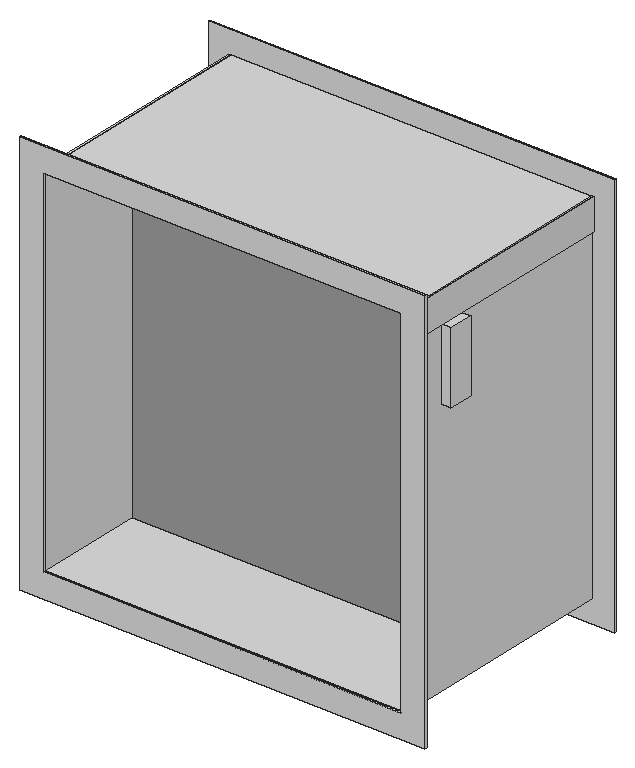
Revit family "НЕВАТОМ_Фильтр-бокс AxB FVGU, Версия 2", category Арматура воздуховодов, Revit 2017
Family settings
  Размер круглого соединителя = Использовать диаметр
  Тип детали = Вставляется
  На основе рабочей плоскости = Нет
  Всегда вертикально = Нет
  При загрузке вырезать с полостями = Нет
  Общий = Нет
Parameters (values of type "ФИЛЬТР-БОКС FVGU–300х300")
  НЕВАТОМ_Сменная кассета = "FVGU"  # constant formula
  Материал корпуса = Оцинкованная сталь
  t = 1.5 mm  # constant formula
  Nevatom_Частотный преобразователь = ""
  Nevatom_Регулятор расхода = ""
  Nevatom_URL = "https://t.me/NEVATOM_Bim_bot"
  Nevatom_ Для задания электроснабжения = ""
  L = 200 mm  # constant formula
  B [instance] = 300 mm
  ADSK_Размер_Ширина [instance] = L  # 200 mm
  ADSK_Размер_Длина [instance] = A  # 300 mm
  ADSK_Размер_Высота [instance] = B  # 300 mm
  Фланец [instance] = if((A + B) > 1000 mm, 30 mm, 20 mm)  # 20 mm
  ADSK_Материал наименование = "Оцинкованная сталь"  # constant formula
  ADSK_Количество = 1  # constant formula
  A [instance] = 300 mm
  ADSK_Расход воздуха = 800.0 m³/h
  ADSK_Примечание = ""
  ADSK_Позиция = ""
  ADSK_Наименование [instance] = "Фильтр-бокс"  # constant formula
  ADSK_Масса = 0
  ADSK_Марка = "FVGU–300х300"
  ADSK_Код изделия = ""
  ADSK_Завод-изготовитель = "НЕВАТОМ"  # constant formula
  ADSK_Единица измерения = "шт."
Types (14, lengths in mm): name | B | ADSK_Размер_Длина | ADSK_Размер_Высота | Фланец | A | ADSK_Расход воздуха | ADSK_Марка
  ФИЛЬТР-БОКС FVGU–200х200 | 200 | 200 | 200 | 20 | 200 | 350.0 m³/h | "FVGU–200х200"
  ФИЛЬТР-БОКС FVGU–250х250 | 250 | 250 | 250 | 20 | 250 | 550.0 m³/h | "FVGU–250х250"
  ФИЛЬТР-БОКС FVGU-300х150 | 150 | 300 | 150 | 20 | 300 | 400.0 m³/h | "FVGU-300х150"
  ФИЛЬТР-БОКС FVGU–300х200 | 200 | 300 | 200 | 20 | 300 | 550.0 m³/h | "FVGU–300х200"
  ФИЛЬТР-БОКС FVGU–300х300 | 300 | 300 | 300 | 20 | 300 | 800.0 m³/h | "FVGU–300х300"
  ФИЛЬТР-БОКС FVGU–400х200 | 200 | 400 | 200 | 20 | 400 | 720.0 m³/h | "FVGU–400х200"
  ФИЛЬТР-БОКС FVGU–500х250 | 250 | 500 | 250 | 20 | 500 | 1100.0 m³/h | "FVGU–500х250"
  ФИЛЬТР-БОКС FVGU–500х300 | 300 | 500 | 300 | 20 | 500 | 1300.0 m³/h | "FVGU–500х300"
  ФИЛЬТР-БОКС FVGU–600х300 | 300 | 600 | 300 | 20 | 600 | 1600.0 m³/h | "FVGU–600х300"
  ФИЛЬТР-БОКС FVGU–600x350 | 350 | 600 | 350 | 20 | 600 | 1800.0 m³/h | "FVGU–600x350"
  ФИЛЬТР-БОКС FVGU–700x400 | 400 | 700 | 400 | 30 | 700 | 2500.0 m³/h | "FVGU–700x400"
  ФИЛЬТР-БОКС FVGU–800x500 | 500 | 800 | 500 | 30 | 800 | 3600.0 m³/h | "FVGU–800x500"
  ФИЛЬТР-БОКС FVGU–900x500 | 500 | 900 | 500 | 30 | 900 | 4000.0 m³/h | "FVGU–900x500"
  ФИЛЬТР-БОКС FVGU–1000x500 | 500 | 1000 | 500 | 30 | 1000 | 4500.0 m³/h | "FVGU–1000x500"
Reference planes
  plane 1 "По центру (Вперед/Назад)": y = 0
  plane 2: z = 0
  plane 3 "По центру (Влево/Вправо)": x = 0
  plane 4: z = 150
  plane 5: z = -150
  plane 6: x = -150
  plane 7: x = 150
  plane 8: z = 170
  plane 9: z = -170
  plane 10: x = 170
  plane 11: x = -170
  plane 12: z = 160
  plane 13: z = -160
  plane 14: x = 160
  plane 15: x = -160
  plane 16: y = 100
  plane 17: y = -100
  plane 18: z = 125
  plane 19: x = 147.5
  plane 20: x = -147.5
Forms (mm)
  Extrusion 1, solid, material "Оцинкованная сталь" <- "Материал корпуса"
    sketch origin (0, 0, 0) x (1, 0, 0) y (0, 0, 1)
      loop
        line (-170, 170) -> (-170, -170) -> (170, -170) -> (170, 170) -> (-170, 170)
      loop
        line (-150, 150) -> (-150, -150) -> (150, -150) -> (150, 150) -> (-150, 150)
    from 98.5 to 100
  Extrusion 2, solid, material "Оцинкованная сталь" <- "Материал корпуса"
    sketch origin (0, 0, 0) x (1, 0, 0) y (0, 0, -1)
      loop
        line (-170, -170) -> (170, -170) -> (170, 170) -> (-170, 170) -> (-170, -170)
      loop
        line (-150, -150) -> (150, -150) -> (150, 150) -> (-150, 150) -> (-150, -150)
    from 98.5 to 100
  Extrusion 3, solid, material "Оцинкованная сталь" <- "Материал корпуса"
    sketch origin (0, 0, 0) x (1, 0, 0) y (0, 0, 1)
      loop
        line (-150, 150) -> (-150, -150) -> (150, -150) -> (150, 150) -> (-150, 150)
      loop
        line (-151.5, 151.5) -> (-151.5, -151.5) -> (151.5, -151.5) -> (151.5, 151.5) -> (-151.5, 151.5)
    from -98.5 to 98.5
  Extrusion 4, solid, material "Оцинкованная сталь" <- "Материал корпуса"
    sketch origin (0, 0, 0) x (1, 0, 0) y (0, 0, 1)
      loop
        line (151.5, 151.5) -> (151.5, 125) -> (153, 125) -> (153, 151.5) -> (151.5, 151.5)
    from -98.5 to 98.5
  Extrusion 5, solid, material "Оцинкованная сталь" <- "Материал корпуса"
    sketch origin (15, 0, 0) x (1, 0, 0) y (0, 0, 1)
      loop
        line (135, 125) -> (135, 65) -> (145, 65) -> (145, 125) -> (135, 125)
    from 40 to 60
  Extrusion 6, solid, material "Оцинкованная сталь" <- "Материал корпуса"
    sketch origin (0, 0, 0) x (-1, 0, 0) y (0, 0, -1)
      loop
        line (151.5, -151.5) -> (153, -151.5) -> (153, -125) -> (151.5, -125) -> (151.5, -151.5)
    from -98.5 to 98.5
  Extrusion 7, solid, material "По умолчанию"
    sketch origin (0, 0, 0) x (1, 0, 0) y (0, 0, 1)
      loop
        line (-147.5, 147.5) -> (-147.5, -147.5) -> (147.5, -147.5) -> (147.5, 147.5) -> (-147.5, 147.5)
    from -10 to 10
Dimensions and locks
  equal spacing: plane 7, plane 3 "По центру (Влево/Вправо)", plane 6
  "A": plane 7 to plane 6
  "Фланец": plane 10 to plane 7
  "Фланец": plane 6 to plane 11
  equal spacing: plane 4, level, plane 5
  "B": plane 4 to plane 5
  "Фланец": plane 8 to plane 4
  "Фланец": plane 5 to plane 9
  equal spacing: plane 6, plane 15, plane 11
  equal spacing: plane 8, plane 12, plane 4
  equal spacing: plane 10, plane 14, plane 7
  plane 8 to plane 12 to plane 4 = 10 mm, 10 mm
  equal spacing: plane 5, plane 13, plane 9
  equal spacing: plane 17, plane 1 "По центру (Вперед/Назад)", plane 16
  "L": plane 16 to plane 17
  "t": plane 16 to Extrusion 2
  "t": plane 17 to Extrusion 1
  "t": Extrusion 3 sketch curve to plane 7
  "t": plane 5 to Extrusion 3 sketch curve
  "t": Extrusion 3 sketch curve to plane 4
  "t": plane 6 to Extrusion 3 sketch curve
  locked: plane 4 to plane 18 at 25
  "t": Extrusion 4 sketch curve to Extrusion 3
  Extrusion 5 sketch curve to Extrusion 5 sketch curve to plane 10 = 10 mm, 10 mm
  locked: plane 18 to Extrusion 5 sketch curve at 60
  "t": Extrusion 6 to Extrusion 6
  locked: Extrusion 5 to Extrusion 1 at 38.5
  locked: Extrusion 5 to Extrusion 5 at 20
  locked: plane 6 to plane 20 at 2.5
  locked: plane 19 to plane 7 at 2.5
  locked: plane 4 to Extrusion 7 sketch curve at 2.5
  locked: Extrusion 7 sketch curve to plane 5 at 2.5
  equal spacing: Extrusion 7, plane 1 "По центру (Вперед/Назад)", Extrusion 7
  "Фланец": Extrusion 7 to Extrusion 7
  aligned and locked: level to plane 2
  aligned and locked: Extrusion 1 sketch curve to plane 8
  aligned and locked: Extrusion 1 sketch curve to plane 10
  aligned and locked: plane 11 to Extrusion 1 sketch curve
  aligned and locked: plane 9 to Extrusion 1 sketch curve
  aligned and locked: Extrusion 1 sketch curve to plane 7
  aligned and locked: Extrusion 1 sketch curve to plane 4
  aligned and locked: plane 6 to Extrusion 1 sketch curve
  aligned and locked: plane 5 to Extrusion 1 sketch curve
  aligned and locked: plane 17 to Extrusion 1
  aligned and locked: plane 16 to Extrusion 2
  aligned and locked: plane 6 to Extrusion 3 sketch curve
  aligned and locked: Extrusion 3 sketch curve to plane 4
  aligned and locked: Extrusion 3 sketch curve to plane 7
  aligned and locked: plane 5 to Extrusion 3 sketch curve
  aligned and locked: Extrusion 3 to Extrusion 2
  aligned and locked: Extrusion 3 to Extrusion 1
  aligned and locked: Extrusion 4 sketch curve to Extrusion 3
  aligned and locked: Extrusion 3 to Extrusion 4 sketch curve
  aligned and locked: plane 18 to Extrusion 4 sketch curve
  aligned and locked: Extrusion 5 sketch curve to Extrusion 4
  aligned and locked: Extrusion 3 to Extrusion 6  (x2)
  aligned and locked: Extrusion 6 to plane 18
  aligned and locked: Extrusion 6 to Extrusion 2
  aligned and locked: Extrusion 4 to Extrusion 2
  aligned and locked: Extrusion 4 to Extrusion 1
  aligned and locked: Extrusion 6 to Extrusion 1
  aligned and locked: plane 20 to Extrusion 7 sketch curve
  aligned and locked: Extrusion 7 sketch curve to plane 19
  aligned and locked: Extrusion 5 to plane 7
  aligned and locked: plane 14 to Extrusion 5
Automatic sketch dimensions
  Extrusion 2 sketch curve to plane 9 = 0 mm
  Extrusion 2 sketch curve to plane 11 = 0 mm
  Extrusion 2 sketch curve to plane 4 = 0 mm
  Extrusion 2 sketch curve to plane 6 = 0 mm
  Extrusion 2 sketch curve to plane 7 = 0 mm
  Extrusion 2 sketch curve to plane 8 = 0 mm
  Extrusion 2 sketch curve to plane 10 = 0 mm
  Extrusion 2 sketch curve to plane 5 = 0 mm
  Extrusion 6 sketch curve to plane 18 = 0 mm
  plane 6 to Extrusion 6 sketch curve = 1.5 mm
  Extrusion 6 sketch curve to Extrusion 6 sketch curve = 1.5 mm
  Extrusion 6 sketch curve to plane 4 = 1.5 mm
Connectors
  hvac at (0, -98.5, 0), driven by "B", driven by "A"
    settings: on Extrusion 1, index 1, duct flow 0.0 m³/h, flow factor 0, pres drop 0.0 Pa, loss coef 0, conn angle 0.00°, conn width 300 mm, conn height 300 mm, conn diameter 609.6 mm, duct sys type 29, conn prof type 1, flow config 0, flow direction 0, loss method 0, conn ref index 2, conn util no, is conn primary yes, conn desc ""
  hvac at (0, 98.5, 0), driven by "B", driven by "A"
    settings: on Extrusion 2, index 2, duct flow 0.0 m³/h, flow factor 0, pres drop 0.0 Pa, loss coef 0, conn angle 0.00°, conn width 300 mm, conn height 300 mm, conn diameter 609.6 mm, duct sys type 29, conn prof type 1, flow config 0, flow direction 0, loss method 0, conn ref index 1, conn util no, is conn primary no, conn desc ""
